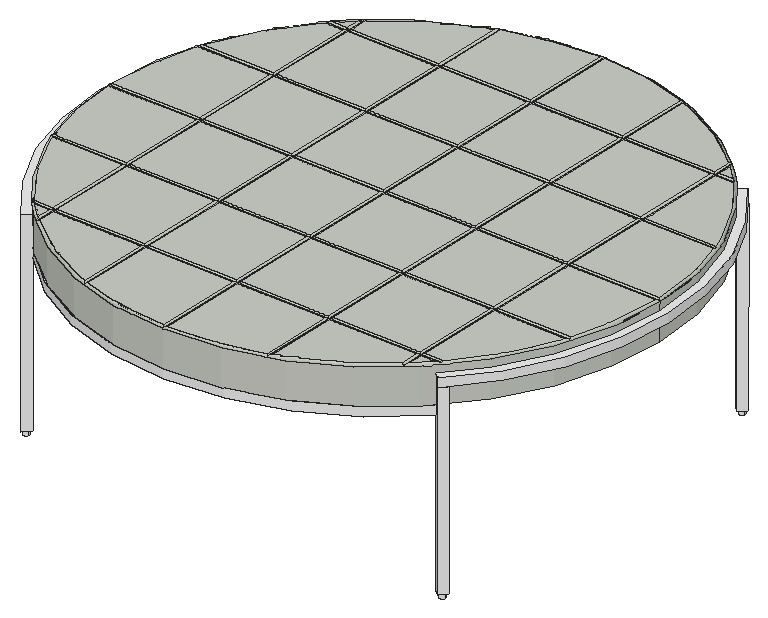
Revit family
Parameters
  Win = Width - 0' 1 1/2"  # 3' - 10 1/2"
  Width = 4' - 0"  # constant formula
  URL = "http://elanbydecca.com/"
  Upholstery [instance] = Furniture - DECCA (Elan) - Ethos - Upholstery
  RW-3/4 = Width / 2 - 0' 0 3/4"  # 1' - 11 1/4"
  RW-1 1/2 = Width / 2 - 0' 1 1/2"  # 1' - 10 1/2"
  RW = Width / 2  # 2' - 0"
  Base [instance] = Furniture - DECCA (Elan) - Ethos - Base
  Product URL = "http://elanbydecca.com/PDFs/elan_tearsheet-vertex.pdf"
  Model = "FT BE625"
  Manufacturer = "Decca Contract"
  Height = 1' - 5 1/2"  # constant formula
  Description = "Ethos, Bench"
  Depth = Width  # 4' - 0"
  Assembly Description = "Furniture & Accessories"
  Assembly Code = "E2020200"
Reference planes (in)
  plane 1 "Center Front/Back": y = -0.7524
  plane 2: z = 0
  plane 3 "Center Left/Right": x = 0
  plane 4 "L": x = -24
  plane 5 "R": x = 24
  plane 6 "F": y = -24.7524
  plane 7: y = 23.2476
  plane 8: through (-6.25338, 2.33237, 23.38953) normal (0.4297, -0.4297, 0.7941)
  plane 9 "ST": z = 17.5
  plane 10: z = 0.375
  plane 11: x = -23.25
  plane 12: x = 23.25
  plane 13: z = 16.75
  plane 14: z = 16
  plane 15: z = 13.57168
  plane 16: z = 14.32168
  plane 17: y = 22.4976
  plane 18: y = -24.0024
  plane 19: x = -0.375
  plane 20: x = 0.375
  plane 21: y = -16.2524
  plane 22: y = -8.5024
  plane 23: y = -0.7524
  plane 24: y = 6.9976
  plane 25: y = 14.7476
  plane 26: x = -15.5
  plane 27: x = -7.75
  plane 28: x = 0
  plane 29: x = 7.75
  plane 30: x = 15.5
Forms (in)
  Extrusion 1, solid, material "Furniture - DECCA (Elan) - Ethos - Base" <- "Base"
    sketch origin (0, 0, 17.5) x (-1, 0, 0) y (0, -1, 0)
      loop
        line (17.02485, -15.08164) -> (17.58228, -15.58355)
        arc (17.58228, -15.58355) -> (24, 0.7524) -> (17.58228, 17.08835) r 24
        line (17.58228, 17.08835) -> (17.02485, 16.58644)
        arc (17.02485, 16.58644) -> (23.25, 0.7524) -> (17.02485, -15.08164) r 23.25
      loop
        arc (-17.58228, 17.08835) -> (-24, 0.7524) -> (-17.58228, -15.58355) r 24
        line (-17.58228, -15.58355) -> (-17.02485, -15.08164)
        arc (-17.02485, -15.08164) -> (-23.25, 0.7524) -> (-17.02485, 16.58644) r 23.25
        line (-17.02485, 16.58644) -> (-17.58228, 17.08835)
    from -1.5 to -0.75
  Extrusion 2, solid, material "Furniture - DECCA (Elan) - Ethos - Base" <- "Base"
    sketch origin (0, 0, 17.5) x (-1, 0, 0) y (0, -1, 0)
      loop
        line (17.02485, -15.08164) -> (17.58228, -15.58355)
        arc (17.58228, -15.58355) -> (17.83539, -15.30683) -> (18.08413, -15.0262) r 24
        line (18.08413, -15.0262) -> (17.52671, -14.52428)
        arc (17.52671, -14.52428) -> (17.27803, -14.80499) -> (17.02485, -15.08164) r 23.25
      loop
        arc (17.02485, 16.58644) -> (17.27803, 16.30979) -> (17.52671, 16.02908) r 23.25
        line (17.52671, 16.02908) -> (18.08413, 16.531)
        arc (18.08413, 16.531) -> (17.83539, 16.81163) -> (17.58228, 17.08835) r 24
        line (17.58228, 17.08835) -> (17.02485, 16.58644)
      loop
        arc (-17.02485, -15.08164) -> (-17.27803, -14.80499) -> (-17.52671, -14.52428) r 23.25
        line (-17.52671, -14.52428) -> (-18.08413, -15.0262)
        arc (-18.08413, -15.0262) -> (-17.83539, -15.30683) -> (-17.58228, -15.58355) r 24
        line (-17.58228, -15.58355) -> (-17.02485, -15.08164)
      loop
        line (-17.02485, 16.58644) -> (-17.58228, 17.08835)
        arc (-17.58228, 17.08835) -> (-17.83539, 16.81163) -> (-18.08413, 16.531) r 24
        line (-18.08413, 16.531) -> (-17.52671, 16.02908)
        arc (-17.52671, 16.02908) -> (-17.27803, 16.30979) -> (-17.02485, 16.58644) r 23.25
    from -17.125 to -1.5
  Extrusion 3, solid, material "Furniture - DECCA (Elan) - Ethos - Base" <- "Base"
    sketch origin (0, 0, 17.5) x (-1, 0, 0) y (0, -1, 0)
      loop
        line (-16.46742, 16.08452) -> (0, 1.25719) -> (16.46742, 16.08452)
        arc (16.46742, 16.08452) -> (0, 23.2524) -> (-16.46742, 16.08452) r 22.5
      loop
        arc (-16.46742, -14.57972) -> (0, -21.7476) -> (16.46742, -14.57972) r 22.5
        line (16.46742, -14.57972) -> (0, 0.24761) -> (-16.46742, -14.57972)
      loop
        arc (-17.52679, -14.52418) -> (0, -22.4976) -> (17.52679, -14.52418) r 23.25
        line (17.52679, -14.52418) -> (0.56043, 0.7524) -> (17.52679, 16.02898)
        arc (17.52679, 16.02898) -> (0, 24.0024) -> (-17.52679, 16.02898) r 23.25
        line (-17.52679, 16.02898) -> (-0.56043, 0.7524) -> (-17.52679, -14.52418)
    from -3.92832 to -3.17832
  Extrusion 4, solid, material "Furniture - DECCA (Elan) - Ethos - Base" <- "Base"
    sketch origin (0, 0, 17.5) x (-1, 0, 0) y (0, -1, 0)
      loop
        circle (17.55454, 16.55867) r 0.25
      loop
        circle (-17.55454, 16.55867) r 0.25
      loop
        circle (17.55454, -15.05387) r 0.25
      loop
        circle (-17.55454, -15.05387) r 0.25
    from -17.5 to -17.125
  Extrusion 5, solid, material "Furniture - DECCA (Elan) - Ethos - Upholstery" <- "Upholstery"
    sketch origin (0, 0, 17.5) x (-1, 0, 0) y (0, -1, 0)
      loop
        circle (0, 0.7524) r 23.25
    from -3.17832 to 0
  Sweep 6, void
    path origin (0, 0, 17.5) x (-1, 0, 0) y (0, -1, 0)
      loop
        circle (0, 0.7524) r 23.25
    profile origin (0, -24.0024, 17.5) x (0, 1, 0) y (0, 0, 1)
      loop
        arc (0.1875, 0) -> (-0.13258, 0.13258) -> (0, -0.1875) r 0.1875
        arc (0, -0.1875) -> (0.05492, -0.05492) -> (0.1875, 0) r 0.1875
  Sweep 7, void
    path origin (-0.13561, 7.48333, 17.5) x (-1, 0, 0) y (0, -1, 0)
      loop
        line (24, -7.26427) -> (-24, -7.26427)
    profile origin (-0.13561, 14.7476, 17.5) x (0, 1, 0) y (0, 0, 1)
      loop
        arc (0.2207, 0) -> (0, 0.2207) -> (-0.2207, 0) r 0.2207
        line (-0.2207, 0) -> (-0.1796, 0)
        arc (-0.1796, 0) -> (-0.09086, -0.02233) -> (-0.02325, -0.08401) r 0.1875
        line (-0.02325, -0.08401) -> (0, -0.11914) -> (0.02325, -0.08401)
        arc (0.02325, -0.08401) -> (0.09086, -0.02233) -> (0.1796, 0) r 0.1875
        line (0.1796, 0) -> (0.2207, 0)
  Sweep 8, void
    path origin (-8.23573, -0.7524, 17.5) x (0, -1, 0) y (1, 0, 0)
      loop
        line (24, -7.26427) -> (-24, -7.26427)
    profile origin (-15.5, -0.7524, 17.5) x (-1, 0, 0) y (0, 0, 1)
      loop
        arc (0.2207, 0) -> (0, 0.2207) -> (-0.2207, 0) r 0.2207
        line (-0.2207, 0) -> (-0.1796, 0)
        arc (-0.1796, 0) -> (-0.09086, -0.02233) -> (-0.02325, -0.08401) r 0.1875
        line (-0.02325, -0.08401) -> (0, -0.11914) -> (0.02325, -0.08401)
        arc (0.02325, -0.08401) -> (0.09086, -0.02233) -> (0.1796, 0) r 0.1875
        line (0.1796, 0) -> (0.2207, 0)
  Sweep 9, void
    path origin (-0.13561, -0.26667, 17.5) x (-1, 0, 0) y (0, -1, 0)
      loop
        line (24, -7.26427) -> (-24, -7.26427)
    profile origin (-0.13561, 6.9976, 17.5) x (0, 1, 0) y (0, 0, 1)
      loop
        arc (0.2207, 0) -> (0, 0.2207) -> (-0.2207, 0) r 0.2207
        line (-0.2207, 0) -> (-0.1796, 0)
        arc (-0.1796, 0) -> (-0.09086, -0.02233) -> (-0.02325, -0.08401) r 0.1875
        line (-0.02325, -0.08401) -> (0, -0.11914) -> (0.02325, -0.08401)
        arc (0.02325, -0.08401) -> (0.09086, -0.02233) -> (0.1796, 0) r 0.1875
        line (0.1796, 0) -> (0.2207, 0)
  Sweep 10, void
    path origin (-0.13561, -8.01667, 17.5) x (-1, 0, 0) y (0, -1, 0)
      loop
        line (24, -7.26427) -> (-24, -7.26427)
    profile origin (-0.13561, -0.7524, 17.5) x (0, 1, 0) y (0, 0, 1)
      loop
        arc (0.2207, 0) -> (0, 0.2207) -> (-0.2207, 0) r 0.2207
        line (-0.2207, 0) -> (-0.1796, 0)
        arc (-0.1796, 0) -> (-0.09086, -0.02233) -> (-0.02325, -0.08401) r 0.1875
        line (-0.02325, -0.08401) -> (0, -0.11914) -> (0.02325, -0.08401)
        arc (0.02325, -0.08401) -> (0.09086, -0.02233) -> (0.1796, 0) r 0.1875
        line (0.1796, 0) -> (0.2207, 0)
  Sweep 11, void
    path origin (-0.13561, -15.76667, 17.5) x (-1, 0, 0) y (0, -1, 0)
      loop
        line (24, -7.26427) -> (-24, -7.26427)
    profile origin (-0.13561, -8.5024, 17.5) x (0, 1, 0) y (0, 0, 1)
      loop
        arc (0.2207, 0) -> (0, 0.2207) -> (-0.2207, 0) r 0.2207
        line (-0.2207, 0) -> (-0.1796, 0)
        arc (-0.1796, 0) -> (-0.09086, -0.02233) -> (-0.02325, -0.08401) r 0.1875
        line (-0.02325, -0.08401) -> (0, -0.11914) -> (0.02325, -0.08401)
        arc (0.02325, -0.08401) -> (0.09086, -0.02233) -> (0.1796, 0) r 0.1875
        line (0.1796, 0) -> (0.2207, 0)
  Sweep 12, void
    path origin (-0.13561, -23.51667, 17.5) x (-1, 0, 0) y (0, -1, 0)
      loop
        line (24, -7.26427) -> (-24, -7.26427)
    profile origin (-0.13561, -16.2524, 17.5) x (0, 1, 0) y (0, 0, 1)
      loop
        arc (0.2207, 0) -> (0, 0.2207) -> (-0.2207, 0) r 0.2207
        line (-0.2207, 0) -> (-0.1796, 0)
        arc (-0.1796, 0) -> (-0.09086, -0.02233) -> (-0.02325, -0.08401) r 0.1875
        line (-0.02325, -0.08401) -> (0, -0.11914) -> (0.02325, -0.08401)
        arc (0.02325, -0.08401) -> (0.09086, -0.02233) -> (0.1796, 0) r 0.1875
        line (0.1796, 0) -> (0.2207, 0)
  Sweep 13, void
    path origin (-0.48573, -0.7524, 17.5) x (0, -1, 0) y (1, 0, 0)
      loop
        line (24, -7.26427) -> (-24, -7.26427)
    profile origin (-7.75, -0.7524, 17.5) x (-1, 0, 0) y (0, 0, 1)
      loop
        arc (0.2207, 0) -> (0, 0.2207) -> (-0.2207, 0) r 0.2207
        line (-0.2207, 0) -> (-0.1796, 0)
        arc (-0.1796, 0) -> (-0.09086, -0.02233) -> (-0.02325, -0.08401) r 0.1875
        line (-0.02325, -0.08401) -> (0, -0.11914) -> (0.02325, -0.08401)
        arc (0.02325, -0.08401) -> (0.09086, -0.02233) -> (0.1796, 0) r 0.1875
        line (0.1796, 0) -> (0.2207, 0)
  Sweep 14, void
    path origin (7.26427, -0.7524, 17.5) x (0, -1, 0) y (1, 0, 0)
      loop
        line (24, -7.26427) -> (-24, -7.26427)
    profile origin (0, -0.7524, 17.5) x (-1, 0, 0) y (0, 0, 1)
      loop
        arc (0.2207, 0) -> (0, 0.2207) -> (-0.2207, 0) r 0.2207
        line (-0.2207, 0) -> (-0.1796, 0)
        arc (-0.1796, 0) -> (-0.09086, -0.02233) -> (-0.02325, -0.08401) r 0.1875
        line (-0.02325, -0.08401) -> (0, -0.11914) -> (0.02325, -0.08401)
        arc (0.02325, -0.08401) -> (0.09086, -0.02233) -> (0.1796, 0) r 0.1875
        line (0.1796, 0) -> (0.2207, 0)
  Sweep 15, void
    path origin (15.01427, -0.7524, 17.5) x (0, -1, 0) y (1, 0, 0)
      loop
        line (24, -7.26427) -> (-24, -7.26427)
    profile origin (7.75, -0.7524, 17.5) x (-1, 0, 0) y (0, 0, 1)
      loop
        arc (0.2207, 0) -> (0, 0.2207) -> (-0.2207, 0) r 0.2207
        line (-0.2207, 0) -> (-0.1796, 0)
        arc (-0.1796, 0) -> (-0.09086, -0.02233) -> (-0.02325, -0.08401) r 0.1875
        line (-0.02325, -0.08401) -> (0, -0.11914) -> (0.02325, -0.08401)
        arc (0.02325, -0.08401) -> (0.09086, -0.02233) -> (0.1796, 0) r 0.1875
        line (0.1796, 0) -> (0.2207, 0)
  Sweep 16, void
    path origin (22.76427, -0.7524, 17.5) x (0, -1, 0) y (1, 0, 0)
      loop
        line (24, -7.26427) -> (-24, -7.26427)
    profile origin (15.5, -0.7524, 17.5) x (-1, 0, 0) y (0, 0, 1)
      loop
        arc (0.2207, 0) -> (0, 0.2207) -> (-0.2207, 0) r 0.2207
        line (-0.2207, 0) -> (-0.1796, 0)
        arc (-0.1796, 0) -> (-0.09086, -0.02233) -> (-0.02325, -0.08401) r 0.1875
        line (-0.02325, -0.08401) -> (0, -0.11914) -> (0.02325, -0.08401)
        arc (0.02325, -0.08401) -> (0.09086, -0.02233) -> (0.1796, 0) r 0.1875
        line (0.1796, 0) -> (0.2207, 0)
Cuts and joins
  joined: Extrusion 1, Extrusion 2, Extrusion 3, Extrusion 4
  Sweep 6, Sweep 7, Sweep 8, Sweep 9, Sweep 10, Sweep 11, Sweep 12, Sweep 13, Sweep 14, Sweep 15, Sweep 16 cuts Extrusion 5
Dimensions and locks (in)
  equal spacing: plane 4 "L", plane 3 "Center Left/Right", plane 5 "R"
  equal spacing: plane 7, plane 1 "Center Front/Back", plane 6 "F"
  "Width": plane 4 "L" to plane 5 "R"
  "Depth": plane 7 to plane 6 "F"
  "Height": plane 9 "ST" to level
  locked: plane 4 "L" to plane 11 at 0.75
  locked: plane 12 to plane 5 "R" at 0.75
  locked: plane 7 to plane 17 at 0.75
  locked: plane 18 to plane 6 "F" at 0.75
  plane 19 to plane 3 "Center Left/Right" to plane 20 = 0' - 0 3/8" locked, 0' - 0 3/8" locked
  "Win": Extrusion 3 sketch curve to Extrusion 3 sketch curve  (x2)
  equal spacing: plane 18, plane 21, plane 22, plane 23, plane 24, plane 25, plane 17
  equal spacing: plane 11, plane 26, plane 27, plane 28, plane 29, plane 30, plane 12
  "RW": radius of Extrusion 1 sketch curve  (x2)
  "RW-3/4": radius of Extrusion 1 sketch curve  (x2)
  "RW-3/4": radius of Extrusion 3 sketch curve  (x2)
  "RW-1 1/2": radius of Extrusion 3 sketch curve  (x2)
  "RW-3/4": radius of Extrusion 5 sketch curve
  locked: plane 4 "L" to Extrusion 3 sketch curve (angle 48.00°)
  locked: Extrusion 3 sketch curve to plane 4 "L" (angle 48.00°)
  locked: plane 6 "F" to Extrusion 3 sketch curve (angle 42.00°)
  locked: Extrusion 3 sketch curve to plane 6 "F" (angle 42.00°)
  locked: plane 5 "R" to Extrusion 3 sketch curve (angle 48.00°)
  locked: Extrusion 3 sketch curve to plane 5 "R" (angle 48.00°)
  locked: Extrusion 3 sketch curve to plane 7 (angle 42.00°)
  locked: plane 7 to Extrusion 3 sketch curve (angle 42.00°)
  aligned and locked: Extrusion 1 to plane 14
  aligned and locked: plane 13 to Extrusion 1
  aligned and locked: Extrusion 2 to plane 10
  aligned and locked: plane 14 to Extrusion 2
  aligned and locked: Extrusion 3 to plane 15
  aligned and locked: plane 16 to Extrusion 3
  aligned and locked: Extrusion 4 to level
  aligned and locked: plane 10 to Extrusion 4
  aligned and locked: Extrusion 5 to plane 16
  aligned and locked: plane 9 "ST" to Extrusion 5
  aligned and locked: profile plane to Sweep 7 sketch curve  (x2)
  aligned and locked: profile plane to Sweep 8 sketch curve  (x2)
  aligned and locked: profile plane to Sweep 9 sketch curve  (x2)
  aligned and locked: profile plane to Sweep 10 sketch curve  (x2)
  aligned and locked: profile plane to Sweep 11 sketch curve  (x2)
  aligned and locked: profile plane to Sweep 12 sketch curve  (x2)
  aligned and locked: profile plane to Sweep 13 sketch curve  (x2)
  aligned and locked: profile plane to Sweep 14 sketch curve  (x2)
  aligned and locked: profile plane to Sweep 15 sketch curve  (x2)
  aligned and locked: profile plane to Sweep 16 sketch curve  (x2)
Automatic sketch dimensions
  Extrusion 1 sketch curve to Extrusion 1 sketch curve = 0' - 0"  (x6)
  plane 1 "Center Front/Back" to Extrusion 1 sketch curve = 0' - 0"
  Extrusion 1 sketch curve to plane 3 "Center Left/Right" = 0' - 0"
  plane 21 to Extrusion 1 sketch curve = 0' - 0.33404"  (x2)
  Extrusion 3 sketch curve to Extrusion 3 sketch curve = 0' - 0"  (x12)
  plane 1 "Center Front/Back" to Extrusion 3 sketch curve = 0' - 0"  (x3)
  Extrusion 3 sketch curve to plane 3 "Center Left/Right" = 0' - 0"  (x3)
  Extrusion 3 sketch curve to plane 20 = 0' - 0.18543"
  plane 25 to Extrusion 3 sketch curve = 0' - 0.16788"
  Extrusion 3 sketch curve to plane 21 = 0' - 0.16788"
  Extrusion 3 sketch curve to plane 19 = 0' - 0.18543"
  plane 1 "Center Front/Back" to Extrusion 5 sketch curve = 0' - 0"
  Extrusion 5 sketch curve to plane 3 "Center Left/Right" = 0' - 0"
  Sweep 6 sketch curve to profile plane = 0' - 0"  (x2)
  Sweep 6 sketch curve to Sweep 6 sketch curve = 0' - 0 3/16"
  plane 25 to Sweep 7 sketch curve = 0' - 0"
  plane 5 "R" to Sweep 7 sketch curve = 0' - 0.13561"
  Sweep 7 sketch curve to plane 4 "L" = 0' - 0.13561"
  Sweep 7 sketch curve to profile plane = 0' - 0"  (x2)
  profile plane to Sweep 7 sketch curve = 0' - 0.02325"
  profile plane to Sweep 7 sketch curve = 0' - 0.1796"
  Sweep 7 sketch curve to Sweep 7 sketch curve = 0' - 0.0411"  (x2)
  Sweep 7 sketch curve to profile plane = 0' - 0.02325"
  Sweep 7 sketch curve to plane 9 "ST" = 0' - 0.08401"
  Sweep 7 sketch curve to Sweep 7 sketch curve = 0' - 0"
  Sweep 7 sketch curve to Sweep 7 sketch curve = 0' - 0.03513"
  Sweep 8 sketch curve to plane 7 = 0' - 0"
  Sweep 8 sketch curve to plane 6 "F" = 0' - 0"
  Sweep 8 sketch curve to plane 26 = 0' - 0"
  Sweep 8 sketch curve to profile plane = 0' - 0"  (x2)
  profile plane to Sweep 8 sketch curve = 0' - 0.02325"
  profile plane to Sweep 8 sketch curve = 0' - 0.1796"
  Sweep 8 sketch curve to Sweep 8 sketch curve = 0' - 0.0411"  (x2)
  Sweep 8 sketch curve to profile plane = 0' - 0.02325"
  Sweep 8 sketch curve to plane 9 "ST" = 0' - 0.08401"
  Sweep 8 sketch curve to Sweep 8 sketch curve = 0' - 0"
  Sweep 8 sketch curve to Sweep 8 sketch curve = 0' - 0.03513"
  plane 24 to Sweep 9 sketch curve = 0' - 0"
  plane 5 "R" to Sweep 9 sketch curve = 0' - 0.13561"
  Sweep 9 sketch curve to plane 4 "L" = 0' - 0.13561"
  Sweep 9 sketch curve to profile plane = 0' - 0"  (x2)
  profile plane to Sweep 9 sketch curve = 0' - 0.02325"
  profile plane to Sweep 9 sketch curve = 0' - 0.1796"
  Sweep 9 sketch curve to Sweep 9 sketch curve = 0' - 0.0411"  (x2)
  Sweep 9 sketch curve to profile plane = 0' - 0.02325"
  Sweep 9 sketch curve to plane 9 "ST" = 0' - 0.08401"
  Sweep 9 sketch curve to Sweep 9 sketch curve = 0' - 0"
  Sweep 9 sketch curve to Sweep 9 sketch curve = 0' - 0.03513"
  plane 1 "Center Front/Back" to Sweep 10 sketch curve = 0' - 0"
  plane 5 "R" to Sweep 10 sketch curve = 0' - 0.13561"
  Sweep 10 sketch curve to plane 4 "L" = 0' - 0.13561"
  Sweep 10 sketch curve to profile plane = 0' - 0"  (x2)
  profile plane to Sweep 10 sketch curve = 0' - 0.02325"
  profile plane to Sweep 10 sketch curve = 0' - 0.1796"
  Sweep 10 sketch curve to Sweep 10 sketch curve = 0' - 0.0411"  (x2)
  Sweep 10 sketch curve to profile plane = 0' - 0.02325"
  Sweep 10 sketch curve to plane 9 "ST" = 0' - 0.08401"
  Sweep 10 sketch curve to Sweep 10 sketch curve = 0' - 0"
  Sweep 10 sketch curve to Sweep 10 sketch curve = 0' - 0.03513"
  plane 22 to Sweep 11 sketch curve = 0' - 0"
  plane 5 "R" to Sweep 11 sketch curve = 0' - 0.13561"
  Sweep 11 sketch curve to plane 4 "L" = 0' - 0.13561"
  Sweep 11 sketch curve to profile plane = 0' - 0"  (x2)
  profile plane to Sweep 11 sketch curve = 0' - 0.02325"
  profile plane to Sweep 11 sketch curve = 0' - 0.1796"
  Sweep 11 sketch curve to Sweep 11 sketch curve = 0' - 0.0411"  (x2)
  Sweep 11 sketch curve to profile plane = 0' - 0.02325"
  Sweep 11 sketch curve to plane 9 "ST" = 0' - 0.08401"
  Sweep 11 sketch curve to Sweep 11 sketch curve = 0' - 0"
  Sweep 11 sketch curve to Sweep 11 sketch curve = 0' - 0.03513"
  plane 21 to Sweep 12 sketch curve = 0' - 0"
  plane 5 "R" to Sweep 12 sketch curve = 0' - 0.13561"
  Sweep 12 sketch curve to plane 4 "L" = 0' - 0.13561"
  Sweep 12 sketch curve to profile plane = 0' - 0"  (x2)
  profile plane to Sweep 12 sketch curve = 0' - 0.02325"
  profile plane to Sweep 12 sketch curve = 0' - 0.1796"
  Sweep 12 sketch curve to Sweep 12 sketch curve = 0' - 0.0411"  (x2)
  Sweep 12 sketch curve to profile plane = 0' - 0.02325"
  Sweep 12 sketch curve to plane 9 "ST" = 0' - 0.08401"
  Sweep 12 sketch curve to Sweep 12 sketch curve = 0' - 0"
  Sweep 12 sketch curve to Sweep 12 sketch curve = 0' - 0.03513"
  Sweep 13 sketch curve to plane 7 = 0' - 0"
  Sweep 13 sketch curve to plane 6 "F" = 0' - 0"
  Sweep 13 sketch curve to plane 27 = 0' - 0"
  Sweep 13 sketch curve to profile plane = 0' - 0"  (x2)
  profile plane to Sweep 13 sketch curve = 0' - 0.02325"
  profile plane to Sweep 13 sketch curve = 0' - 0.1796"
  Sweep 13 sketch curve to Sweep 13 sketch curve = 0' - 0.0411"  (x2)
  Sweep 13 sketch curve to profile plane = 0' - 0.02325"
  Sweep 13 sketch curve to plane 9 "ST" = 0' - 0.08401"
  Sweep 13 sketch curve to Sweep 13 sketch curve = 0' - 0"
  Sweep 13 sketch curve to Sweep 13 sketch curve = 0' - 0.03513"
  Sweep 14 sketch curve to plane 3 "Center Left/Right" = 0' - 0"
  Sweep 14 sketch curve to plane 7 = 0' - 0"
  Sweep 14 sketch curve to plane 6 "F" = 0' - 0"
  Sweep 14 sketch curve to profile plane = 0' - 0"  (x2)
  profile plane to Sweep 14 sketch curve = 0' - 0.02325"
  profile plane to Sweep 14 sketch curve = 0' - 0.1796"
  Sweep 14 sketch curve to Sweep 14 sketch curve = 0' - 0.0411"  (x2)
  Sweep 14 sketch curve to profile plane = 0' - 0.02325"
  Sweep 14 sketch curve to plane 9 "ST" = 0' - 0.08401"
  Sweep 14 sketch curve to Sweep 14 sketch curve = 0' - 0"
  Sweep 14 sketch curve to Sweep 14 sketch curve = 0' - 0.03513"
  Sweep 15 sketch curve to plane 7 = 0' - 0"
  Sweep 15 sketch curve to plane 6 "F" = 0' - 0"
  Sweep 15 sketch curve to plane 29 = 0' - 0"
  Sweep 15 sketch curve to profile plane = 0' - 0"  (x2)
  profile plane to Sweep 15 sketch curve = 0' - 0.02325"
  profile plane to Sweep 15 sketch curve = 0' - 0.1796"
  Sweep 15 sketch curve to Sweep 15 sketch curve = 0' - 0.0411"  (x2)
  Sweep 15 sketch curve to profile plane = 0' - 0.02325"
  Sweep 15 sketch curve to plane 9 "ST" = 0' - 0.08401"
  Sweep 15 sketch curve to Sweep 15 sketch curve = 0' - 0"
  Sweep 15 sketch curve to Sweep 15 sketch curve = 0' - 0.03513"
  Sweep 16 sketch curve to plane 7 = 0' - 0"
  Sweep 16 sketch curve to plane 6 "F" = 0' - 0"
  Sweep 16 sketch curve to plane 30 = 0' - 0"
  Sweep 16 sketch curve to profile plane = 0' - 0"  (x2)
  profile plane to Sweep 16 sketch curve = 0' - 0.02325"
  profile plane to Sweep 16 sketch curve = 0' - 0.1796"
  Sweep 16 sketch curve to Sweep 16 sketch curve = 0' - 0.0411"  (x2)
  Sweep 16 sketch curve to profile plane = 0' - 0.02325"
  Sweep 16 sketch curve to plane 9 "ST" = 0' - 0.08401"
  Sweep 16 sketch curve to Sweep 16 sketch curve = 0' - 0"
  Sweep 16 sketch curve to Sweep 16 sketch curve = 0' - 0.03513"
  Extrusion 1 sketch curve to plane 25 = 0' - 0 107/128"  (x2)
  Extrusion 1 sketch curve to plane 25 = 0' - 0.33404"  (x2)
  plane 21 to Extrusion 1 sketch curve = 0' - 0 107/128"  (x2)
  Extrusion 2 sketch curve to Extrusion 2 sketch curve = 0' - 0"  (x68)
  Extrusion 2 sketch curve to plane 25 = 0' - 0.33404"  (x2)
  plane 30 to Extrusion 2 sketch curve = 0' - 1.52485"  (x2)
  plane 21 to Extrusion 2 sketch curve = 0' - 0.33404"  (x2)
  Extrusion 2 sketch curve to plane 21 = 0' - 0.22332"  (x2)
  plane 25 to Extrusion 2 sketch curve = 0' - 0.22332"  (x2)
  Extrusion 2 sketch curve to plane 25 = 0' - 0 107/128"  (x2)
  Extrusion 2 sketch curve to Extrusion 2 sketch curve = 0' - 0.55743"  (x4)
  plane 21 to Extrusion 2 sketch curve = 0' - 0 107/128"
  plane 21 to Extrusion 2 sketch curve = 0' - 0.2786"  (x2)
  Extrusion 2 sketch curve to plane 25 = 0' - 0.2786"  (x2)
  Extrusion 2 sketch curve to plane 26 = 0' - 1.52485"  (x2)
  Extrusion 2 sketch curve to Extrusion 2 sketch curve = 0' - 0.50185"
  plane 1 "Center Front/Back" to Extrusion 2 sketch curve = 0' - 0"
  Extrusion 2 sketch curve to plane 3 "Center Left/Right" = 0' - 0"
  plane 21 to Extrusion 4 sketch curve = 0' - 0.30627"  (x2)
  plane 30 to Extrusion 4 sketch curve = 0' - 2.05454"  (x2)
  Extrusion 4 sketch curve to plane 25 = 0' - 0.30627"  (x2)
  Extrusion 4 sketch curve to plane 26 = 0' - 2.05454"  (x2)
  radius of Sweep 6 sketch curve to Extrusion 5 = 0' - 0"
  radius of Extrusion 4 sketch curve = 0' - 0 1/4"  (x4)
